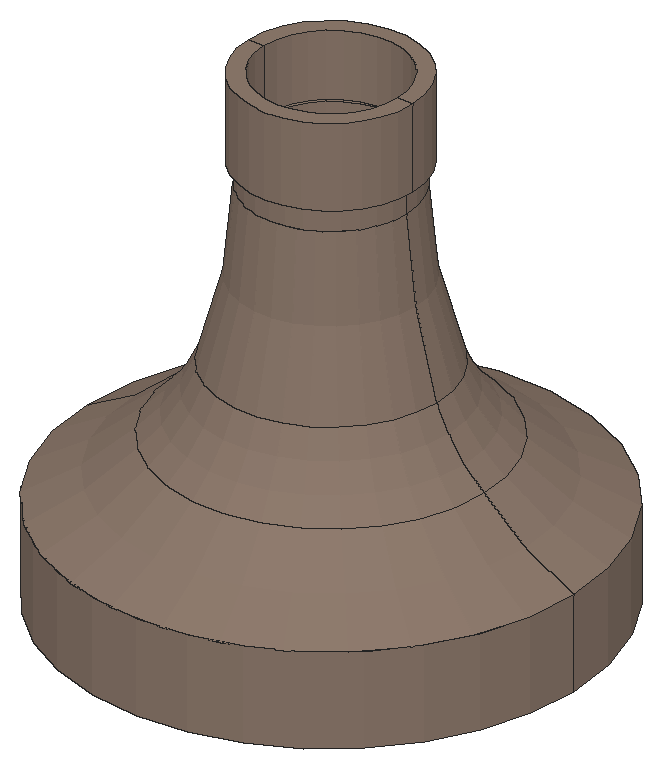
Revit family "CB6501", category Generic Models, Revit 2014
Parameters
  BASE = Bronze, Architectural
Reference planes (in)
  plane 1 "Center (Front/Back)": y = 0
  plane 2: z = 0
  plane 3 "Center (Left/Right)": x = 0
Forms (in)
  Revolve 1, solid, material "Bronze, Architectural" <- "BASE"
    sketch origin (0, 0, 0) x (1, 0, 0) y (0, 0, 1)
      loop
        line (-2.5, 14.25) -> (-2.5, 11.875) -> (-2.3125, 11.875) -> (-2.3125, 11.21169)
        arc (-2.3125, 11.21169) -> (-2.57082, 8.77058) -> (-3.22904, 6.40573) r 14.80132
        arc (-3.22904, 6.40573) -> (-3.81482, 5.33191) -> (-4.64263, 4.43139) r 5.02627
        arc (-4.64263, 4.43139) -> (-5.92238, 3.39744) -> (-7.375, 2.625) r 8.63469
        line (-7.375, 2.625) -> (-7.375, 0) -> (-3.55698, 0) -> (-3.55698, 0.5) -> (-6.875, 0.5) -> (-6.875, 2.43557)
        arc (-6.875, 2.43557) -> (-5.55967, 3.19005) -> (-4.3895, 4.15442) r 9.00969
        arc (-4.3895, 4.15442) -> (-3.50483, 5.12071) -> (-2.87883, 6.27158) r 5.40127
        arc (-2.87883, 6.27158) -> (-2.16789, 8.86472) -> (-1.93378, 11.54335) r 14.92443
        line (-1.93378, 11.54335) -> (-1.93378, 12.37562) -> (-2.03125, 12.37562) -> (-2.03125, 14.25) -> (-2.5, 14.25)
      axis (0, 14.25) -> (0, 0)
    angle from 0 to 360
Dimensions and locks (in)
  aligned and locked: plane 2 to level
